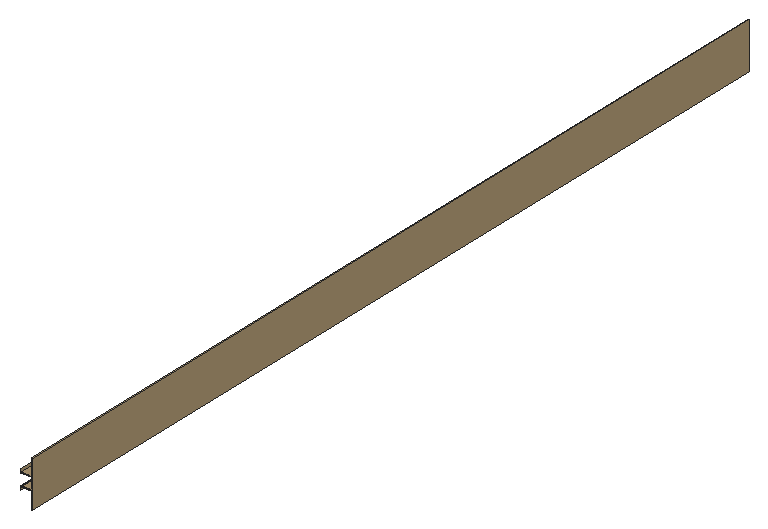
Revit family "R 092900 - Fry Reglet - Channel Screed -  0.625in", category Generic Models, Revit 2016
Family settings
  Part Type = Normal
  Can host rebar = No
  Round Connector Dimension = Use Diameter
  Work Plane-Based = No
  Always vertical = Yes
  Cut with Voids When Loaded = No
  Shared = No
  Room Calculation Point = No
Parameters (values of type ".625 in Wide Sheating R")
  5/8" Gyp = 2X4 WOOD STUDS
  4' Width = 4' - 0"
Types (2): name | 5/8" Gyp
  .625 in Wide Sheating R | 2X4 WOOD STUDS
  .625 in Wide Sheating R 2 | none
Reference planes (in)
  plane 1 "Center (Front/Back)": y = 0
  plane 2: z = 0
  plane 3 "Center (Left/Right)": x = 0
Forms (in)
  Sweep 1, solid, material "2X4 WOOD STUDS" <- "5/8" Gyp"
    path origin (0, 0, 0) x (1, 0, 0) y (0, 1, 0)
      loop
        line (0, -24) -> (0, 24)
    profile origin (0, 0, 0) x (-1, 0, 0) y (0, 0, 1)
      loop
        line (0, 2.46875) -> (0, 0) -> (0.04688, 0) -> (0.04688, 0.875) -> (0.625, 0.875) -> (0.625, 0.73437) -> (0.67188, 0.73437) -> (0.67188, 0.92187) -> (0.04688, 0.92188) -> (0.04688, 1.54688) -> (0.67188, 1.54688) -> (0.67188, 1.73438) -> (0.625, 1.73438) -> (0.625, 1.59375) -> (0.04688, 1.59375) -> (0.04688, 2.46875) -> (0, 2.46875)
Dimensions and locks (in)
  "4' Width": Sweep 1 sketch curve to Sweep 1 sketch curve
  Sweep 1 sketch curve to Sweep 1 sketch curve = 0' - 0 43/64"
  aligned and locked: plane 2 to level
  aligned and locked: Sweep 1 sketch curve to Sweep 1 sketch curve  (x2)
Automatic sketch dimensions
  Sweep 1 sketch curve to plane 3 "Center (Left/Right)" = 0' - 0"
  plane 1 "Center (Front/Back)" to Sweep 1 sketch curve = 2' - 0"
  Sweep 1 sketch curve to level = 0' - 0"
  Sweep 1 sketch curve to profile plane = 0' - 0"
  Sweep 1 sketch curve to Sweep 1 sketch curve = 0' - 0 3/64"  (x5)
  Sweep 1 sketch curve to Sweep 1 sketch curve = 0' - 0"
  level to Sweep 1 sketch curve = 0' - 0 47/64"
  Sweep 1 sketch curve to Sweep 1 sketch curve = 0' - 0 9/64"  (x2)
  Sweep 1 sketch curve to Sweep 1 sketch curve = 0' - 0 5/8"
  Sweep 1 sketch curve to Sweep 1 sketch curve = 0' - 0 7/8"
